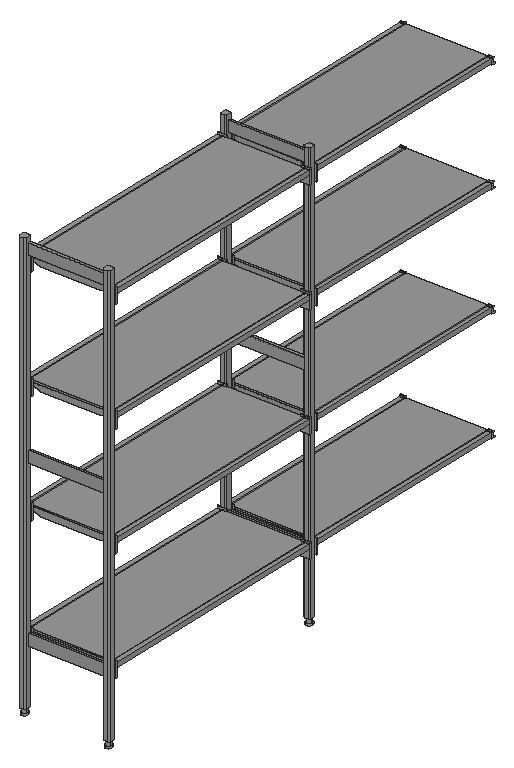
Revit family "QF_ELECTROLUXPROFESSIONAL_137063_ACS1928", category Attrezzature speciali, Revit 2020 (continued)
Definition of nested family "WT_Aggancio373"
  Lines and regions (mm)
    symbolic lines
      curve 8: line (-408, 3.978, 0) -> (-408, 23, 0)
  Dimensions and locks
    "Height": plane 5 "TOP" to level
    "Depth": plane 3 "BACK" to plane 4 "FRONT"
    "Dint": plane 7 to plane 8
    equal spacing: plane 7, plane 6 "Center (Front/Back)", plane 8
    equal spacing: plane 3 "BACK", plane 6 "Center (Front/Back)", plane 4 "FRONT"
    plane 9 "FEET" to level = 25.0 mm
    plane 5 "TOP" to plane 9 "FEET" = 1700.0 mm
    plane 10 to plane 9 "FEET" = 250.0 mm
    plane 11 to plane 10 = 450.0 mm
    plane 12 to plane 11 = 450.0 mm
    plane 13 to plane 12 = 450.0 mm
    locked: plane 3 "BACK" to plane 15 "CYBack" at 17.5
    locked: plane 16 "CYFront" to plane 4 "FRONT" at 17.5
    aligned and locked: level to plane 1
    aligned and locked: Extrusion 1 sketch curve to Extrusion 1 sketch curve  (x3)
  Automatic sketch dimensions
    plane 16 "CYFront" to Extrusion 1 sketch curve = 1.478 mm  (x4)
    Extrusion 1 sketch curve to Extrusion 1 sketch curve = 2.0 mm
    plane 8 to Extrusion 1 sketch curve = 3.478 mm  (x4)
    Extrusion 1 sketch curve to plane 10 = 4.006 mm
    Extrusion 1 sketch curve to Extrusion 1 sketch curve = 34.0 mm  (x4)
    Extrusion 1 sketch curve to plane 11 = 4.006 mm
    Extrusion 1 sketch curve to plane 12 = 4.006 mm
    Extrusion 1 sketch curve to plane 13 = 4.006 mm
    Extrusion 1 sketch curve to plane 7 = 37.522 mm  (x4)
    Extrusion 1 sketch curve to plane 7 = 3.522 mm  (x4)
    plane 14 to Extrusion 1 sketch curve = 3.516 mm  (x4)
    plane 14 to Extrusion 1 sketch curve = 1.522 mm  (x4)
    plane 10 to Extrusion 1 sketch curve = 7.998 mm  (x2)
    Extrusion 1 sketch curve to Extrusion 1 sketch curve = 11.498 mm  (x4)
    Extrusion 1 sketch curve to Extrusion 1 sketch curve = 6.499 mm  (x8)
    plane 11 to Extrusion 1 sketch curve = 7.998 mm  (x2)
    plane 12 to Extrusion 1 sketch curve = 7.998 mm  (x2)
    plane 13 to Extrusion 1 sketch curve = 7.998 mm  (x2)
    plane 2 "LEFT" to Extrusion 2 sketch curve = 0.0 mm  (x4)
    plane 13 to Extrusion 2 sketch curve = 7.996 mm
    plane 11 to Extrusion 2 sketch curve = 7.996 mm
    Extrusion 2 sketch curve to Extrusion 2 sketch curve = 5.0 mm  (x4)
    plane 11 to Extrusion 2 sketch curve = 2.494 mm
    plane 10 to Extrusion 2 sketch curve = 28.996 mm
    Extrusion 2 sketch curve to Extrusion 2 sketch curve = 3.0 mm  (x4)
    plane 10 to Extrusion 2 sketch curve = 7.996 mm
    plane 10 to Extrusion 2 sketch curve = 2.494 mm
    Extrusion 2 sketch curve to Extrusion 2 sketch curve = 18.0 mm  (x3)
    plane 12 to Extrusion 2 sketch curve = 2.494 mm
    plane 12 to Extrusion 2 sketch curve = 7.996 mm
    plane 13 to Extrusion 2 sketch curve = 2.494 mm
    plane 2 "LEFT" to Extrusion 3 sketch curve = 0.0 mm  (x4)
    plane 13 to Extrusion 3 sketch curve = 7.996 mm
    plane 11 to Extrusion 3 sketch curve = 7.996 mm
    Extrusion 3 sketch curve to Extrusion 3 sketch curve = 5.0 mm  (x4)
    plane 11 to Extrusion 3 sketch curve = 2.494 mm
    plane 10 to Extrusion 3 sketch curve = 28.996 mm
    Extrusion 3 sketch curve to Extrusion 3 sketch curve = 3.0 mm  (x4)
    plane 10 to Extrusion 3 sketch curve = 7.996 mm
    plane 10 to Extrusion 3 sketch curve = 2.494 mm
    Extrusion 3 sketch curve to Extrusion 3 sketch curve = 18.0 mm  (x3)
    plane 12 to Extrusion 3 sketch curve = 2.494 mm
    plane 12 to Extrusion 3 sketch curve = 7.996 mm
    plane 13 to Extrusion 3 sketch curve = 2.494 mm
    plane 2 "LEFT" to curve 1 = 5.0 mm
    plane 2 "LEFT" to curve 7 = 5.0 mm
    curve 1 to plane 16 "CYFront" = 17.5 mm
    curve 3 to plane 8 = 12.522 mm
    plane 7 to curve 5 = 12.478 mm
    curve 7 to plane 14 = 17.5 mm
    curve 5 to curve 5 = 4.0 mm
    curve 1 to curve 4 = 4.0 mm
    Extrusion 2 sketch curve to Extrusion 2 sketch curve = 4.0 mm  (x4)
    Extrusion 2 sketch curve to Extrusion 2 sketch curve = 8.969 mm  (x4)
    Extrusion 3 sketch curve to Extrusion 3 sketch curve = 4.0 mm  (x4)
    Extrusion 3 sketch curve to Extrusion 3 sketch curve = 8.969 mm  (x4)
